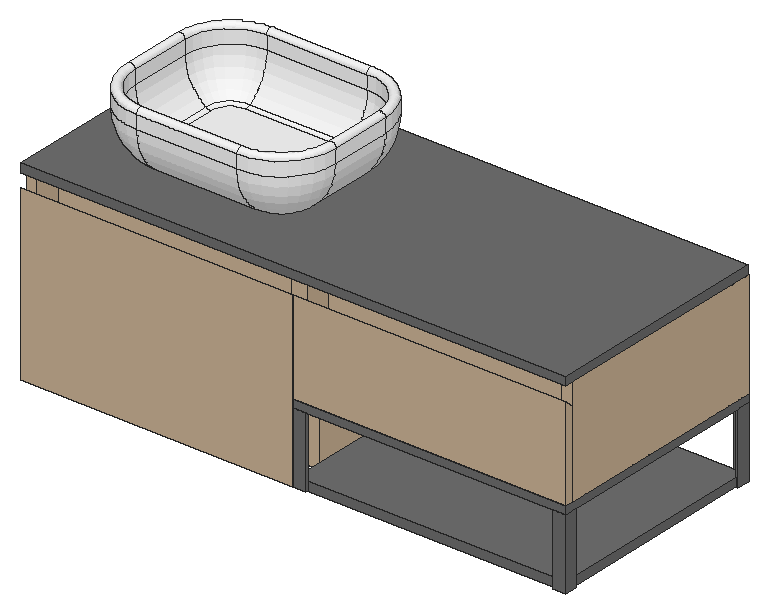
Revit family "LM0146831_Mueble Plus 120 cm con Lavamanos Cascade Derecho", category Furniture, Revit 2020
Family settings
  OmniClass Number = 23.31.25.13
  OmniClass Title = Bathroom Cabinets
  Work Plane-Based = No
  Always vertical = Yes
  Cut with Voids When Loaded = No
  Shared = No
  Room Calculation Point = No
Parameters
  URL = "https://corona.co/productos/muebles-para-banos/mueble-plus-120-cm-con-lavamanos-cascade-derecho/p/LM0156831"
  Resistencia al rayado = "700 ciclos."  # constant formula
  Resistencia a la humedad = "8%."  # constant formula
  Profundidad = 500 mm
  Peso Neto aprox = "71,2 lb (32,3 kg)."  # constant formula
  Peso Bruto aprox = "82,5 lb (37,4 kg)."  # constant formula
  Model = "Mueble Plus 120cm"  # constant formula
  Material 3 = Corona_Madera_Onix
  Material 2 = Corona_Madera_Aglomerada_Duna
  Material = Corona_Porcelana_Sanitaria
  Manufacturer = "Corona"  # constant formula
  Fecha de creación = "16/03/2021"  # constant formula
  Dimensiones generales del producto = "16,73” x 47,09” x 19,69” (425 x 1196 x 500 mm)."  # constant formula
  Densidad = "25mm 597 kg./m^3."  # constant formula
  Default Elevation = 0 mm
  Creado por = "BIMABU"  # constant formula
  Canto = "PVC rígido 22 mm de calibre."  # constant formula
  Ancho = 1196 mm
  Alto = 425 mm
Reference planes
  plane 1 "Center (Front/Back)": y = 0
  plane 2: z = 0
  plane 3 "Center (Left/Right)": x = 0
  plane 4: x = -598
  plane 5: x = 598
  plane 6: y = -500
  plane 7: z = 425
  plane 8: z = 575
  plane 9: y = -61.194
  plane 10: y = -437.194
  plane 11: y = -482
  plane 12: z = 407
Forms (mm)
  Extrusion 1, solid, material "Corona_Madera_Onix" <- "Material 3", detail levels medium+fine
    sketch origin (0, 0, 0) x (1, 0, 0) y (0, 0, 1)
      loop
        line (-598, 425) -> (-598, 407) -> (598, 407) -> (598, 425) -> (-598, 425)
    from 0 to 500
  Extrusion 2, solid, material "Corona_Madera_Aglomerada_Duna" <- "Material 2", detail levels medium+fine
    sketch origin (0, 0, 0) x (1, 0, 0) y (0, 1, 0)
      loop
        line (-17.099, 0) -> (-17.099, -482) -> (17.901, -482) -> (17.901, 0) -> (-17.099, 0)
    from 173 to 407
  Extrusion 3, solid, material "Corona_Madera_Aglomerada_Duna" <- "Material 2", detail levels medium+fine
    sketch origin (0, 0, 0) x (1, 0, 0) y (0, 1, 0)
      loop
        line (-598, 0) -> (-598, -482) -> (-575.578, -482) -> (-575.578, 0) -> (-598, 0)
    from 0 to 407
  Extrusion 4, solid, material "Corona_Madera_Aglomerada_Duna" <- "Material 2", detail levels medium+fine
    sketch origin (0, 0, 0) x (-1, 0, 0) y (0, -1, 0)
      loop
        line (-598, 0) -> (-575.578, 0) -> (-575.578, 482) -> (-598, 482) -> (-598, 0)
    from 173 to 407
  Extrusion 5, solid, material "Corona_Madera_Aglomerada_Duna" <- "Material 2", detail levels coarse
    sketch origin (0, 0, 0) x (1, 0, 0) y (0, 1, 0)
      loop
        line (598, -500) -> (598, 0) -> (-598, 0) -> (-598, -500) -> (598, -500)
    from 0 to 575
  Sweep 6, solid, material "Corona_Porcelana_Sanitaria" <- "Material", detail levels medium+fine
    path origin (0, 0, 0) x (-1, 0, 0) y (0, 1, 0)
      loop
        arc (52.703, -317.194) -> (87.85, -402.047) -> (172.703, -437.194) r 120
        line (172.703, -437.194) -> (392.703, -437.194)
        arc (392.703, -437.194) -> (477.556, -402.047) -> (512.703, -317.194) r 120
        line (512.703, -317.194) -> (512.703, -181.194)
        arc (512.703, -181.194) -> (477.556, -96.342) -> (392.703, -61.194) r 120
        line (392.703, -61.194) -> (172.703, -61.194)
        arc (172.703, -61.194) -> (87.85, -96.342) -> (52.703, -181.194) r 120
        line (52.703, -181.194) -> (52.703, -317.194)
    profile origin (-52.703, -249.194, 0) x (-1, 0, 0) y (0, 0, 1)
      loop
        line (0, 565) -> (0, 535)
        arc (0, 535) -> (17.794, 470.835) -> (66.095, 425) r 124.583
        line (66.095, 425) -> (86.095, 425) -> (86.095, 445) -> (77.104, 445)
        arc (77.104, 445) -> (71.232, 445.881) -> (65.877, 448.448) r 20
        arc (65.877, 448.448) -> (32.178, 486.021) -> (20, 535) r 104.583
        line (20, 535) -> (20, 565)
        arc (20, 565) -> (10, 575) -> (0, 565) r 10
  Extrusion 7, solid, material "Corona_Porcelana_Sanitaria" <- "Material", detail levels medium+fine
    sketch origin (0, 0, 0) x (-1, 0, 0) y (0, -1, 0)
      loop
        arc (138.797, 181.194) -> (148.728, 157.22) -> (172.703, 147.289) r 33.905
        line (172.703, 147.289) -> (392.703, 147.289)
        arc (392.703, 147.289) -> (416.677, 157.22) -> (426.608, 181.194) r 33.905
        line (426.608, 181.194) -> (426.608, 317.194)
        arc (426.608, 317.194) -> (416.677, 341.169) -> (392.703, 351.1) r 33.905
        line (392.703, 351.1) -> (172.703, 351.1)
        arc (172.703, 351.1) -> (148.728, 341.169) -> (138.797, 317.194) r 33.905
        line (138.797, 317.194) -> (138.797, 181.194)
    from 425 to 445
  Extrusion 8, solid, material "Corona_Madera_Aglomerada_Duna" <- "Material 2", detail levels medium+fine
    sketch origin (0, 0, 0) x (0, 1, 0) y (0, 0, -1)
      loop
        line (-500, -173) -> (-500, -376.484) -> (-482, -358.484) -> (-482, -173) -> (-500, -173)
    from -598 to 0
  Extrusion 9, solid, material "Corona_Madera_Aglomerada_Duna" <- "Material 2", detail levels medium+fine
    sketch origin (0, 0, 0) x (0, 1, 0) y (0, 0, -1)
      loop
        line (-500, 0) -> (-500, -376.484) -> (-482, -358.484) -> (-482, 0) -> (-500, 0)
    from 0 to 598
  Extrusion 10, solid, material "Corona_Madera_Aglomerada_Duna" <- "Material 2", detail levels medium+fine
    sketch origin (0, 0, 0) x (-1, 0, 0) y (0, -1, 0)
      loop
        line (0, 425.931) -> (0, 0) -> (575.5, 0) -> (575.5, 425.931) -> (0, 425.931)
    from 0 to 407
  Extrusion 11, solid, material "Corona_Madera_Onix" <- "Material 3", detail levels medium+fine
    sketch origin (0, 0, 0) x (-1, 0, 0) y (0, -1, 0)
      loop
        line (-598, 0) -> (-570.497, 0) -> (-570.497, 5) -> (-593, 5) -> (-593, 27.5) -> (-598, 27.5) -> (-598, 0)
      loop
        line (-598, 500) -> (-598, 472.5) -> (-593, 472.5) -> (-593, 495) -> (-570.497, 495) -> (-570.497, 500) -> (-598, 500)
      loop
        line (0, 500) -> (-27.503, 500) -> (-27.503, 495) -> (-5, 495) -> (-5, 472.5) -> (0, 472.5) -> (0, 500)
      loop
        line (0, 0) -> (0, 27.5) -> (-5, 27.5) -> (-5, 5) -> (-27.503, 5) -> (-27.503, 0) -> (0, 0)
    from 0 to 155
  Extrusion 12, solid, material "Corona_Madera_Onix" <- "Material 3", detail levels medium+fine
    sketch origin (0, 0, 148.75) x (-1, 0, 0) y (0, 0, -1)
      loop
        line (0, -24.25) -> (0, -6.25) -> (-598, -6.25) -> (-598, -24.25) -> (0, -24.25)
    from 0 to 500
  Extrusion 13, solid, material "Corona_Madera_Onix" <- "Material 3", detail levels medium+fine
    sketch origin (0, 0, 0) x (-1, 0, 0) y (0, -1, 0)
      loop
        line (-593, 5) -> (-5, 5) -> (-5, 495) -> (-593, 495) -> (-593, 5)
    from 0 to 18
  Extrusion 14, solid, material "Corona_Madera_Aglomerada_Duna" <- "Material 2", detail levels medium+fine
    sketch origin (0, 0, 0) x (-1, 0, 0) y (0, -1, 0)
      loop
        line (-575.578, 425.931) -> (-575.578, 0) -> (-17.099, 0) -> (-17.099, 425.931) -> (-575.578, 425.931)
    from 173 to 407
Cuts and joins
  joined: Sweep 6, Extrusion 7
  joined: Extrusion 2, Extrusion 10, Extrusion 14
Dimensions and locks
  equal spacing: plane 4, plane 3 "Center (Left/Right)", plane 5
  "Ancho": plane 4 to plane 5
  "Profundidad": plane 6 to plane 1 "Center (Front/Back)"
  "Alto": plane 7 to level
  plane 8 to plane 7 = 150 mm
  locked: plane 9 to plane 10 at 376
  aligned and locked: level to plane 2
  aligned and locked: Extrusion 3 to Extrusion 4
  aligned and locked: Extrusion 1 to plane 12
  aligned and locked: Extrusion 3 to Extrusion 1
  aligned and locked: Extrusion 2 to Extrusion 1
  aligned and locked: Extrusion 4 to Extrusion 1
  aligned and locked: nested 1 to level
  aligned and locked: nested 1 to plane 1 "Center (Front/Back)"
  aligned and locked: nested 2 to plane 6
  aligned and locked: plane 5 to nested 2
  aligned and locked: plane 1 "Center (Front/Back)" to Extrusion 5 sketch curve
  aligned and locked: plane 6 to Extrusion 5 sketch curve
  aligned and locked: plane 4 to Extrusion 5 sketch curve
  aligned and locked: Extrusion 5 sketch curve to plane 5
  aligned and locked: plane 8 to Extrusion 5
  aligned and locked: plane 3 "Center (Left/Right)" to nested 3
Automatic sketch dimensions
  Extrusion 1 sketch curve to plane 4 = 0 mm
  Extrusion 1 sketch curve to plane 5 = 0 mm
  Extrusion 1 sketch curve to plane 12 = 0 mm
  Extrusion 1 sketch curve to plane 7 = 0 mm
  plane 11 to Extrusion 2 sketch curve = 0 mm
  plane 1 "Center (Front/Back)" to Extrusion 2 sketch curve = 0 mm
  Extrusion 2 sketch curve to plane 3 "Center (Left/Right)" = 17.099 mm
  plane 3 "Center (Left/Right)" to Extrusion 2 sketch curve = 17.901 mm
  Extrusion 3 sketch curve to plane 4 = 0 mm
  plane 11 to Extrusion 3 sketch curve = 0 mm
  plane 1 "Center (Front/Back)" to Extrusion 3 sketch curve = 0 mm
  plane 4 to Extrusion 3 sketch curve = 22.422 mm
  Extrusion 4 sketch curve to plane 5 = 0 mm
  plane 11 to Extrusion 4 sketch curve = 0 mm
  plane 1 "Center (Front/Back)" to Extrusion 4 sketch curve = 0 mm
  plane 5 to Extrusion 4 sketch curve = 22.422 mm
  Sweep 6 sketch curve to plane 9 = 0 mm
  Sweep 6 sketch curve to plane 10 = 0 mm
  plane 3 "Center (Left/Right)" to Sweep 6 sketch curve = 52.703 mm
  Sweep 6 sketch curve to Sweep 6 sketch curve = 120 mm  (x2)
  Sweep 6 sketch curve to plane 4 = 205.297 mm  (x2)
  Sweep 6 sketch curve to plane 4 = 85.297 mm
  Sweep 6 sketch curve to Sweep 6 sketch curve = 0 mm  (x2)
  Sweep 6 sketch curve to profile plane = 0 mm
  Sweep 6 sketch curve to Sweep 6 sketch curve = 10 mm
  Sweep 6 sketch curve to profile plane = 66.095 mm
  Sweep 6 sketch curve to Sweep 6 sketch curve = 11.009 mm
  Sweep 6 sketch curve to Sweep 6 sketch curve = 20 mm  (x3)
  Sweep 6 sketch curve to Sweep 6 sketch curve = 47.479 mm
  level to Sweep 6 sketch curve = 425 mm
  Sweep 6 sketch curve to Sweep 6 sketch curve = 30 mm
  plane 3 "Center (Left/Right)" to Extrusion 7 sketch curve = 138.797 mm
  Extrusion 7 sketch curve to Extrusion 7 sketch curve = 33.905 mm  (x3)
  Extrusion 7 sketch curve to plane 4 = 205.297 mm
  Extrusion 7 sketch curve to Extrusion 7 sketch curve = 0 mm
  Extrusion 7 sketch curve to plane 10 = 86.095 mm
  plane 9 to Extrusion 7 sketch curve = 120 mm
  Extrusion 8 sketch curve to plane 6 = 0 mm
  Extrusion 8 sketch curve to plane 11 = 0 mm
  Extrusion 8 sketch curve to plane 12 = 30.516 mm
  Extrusion 8 sketch curve to Extrusion 8 sketch curve = 18 mm
  level to Extrusion 8 sketch curve = 173 mm
  Extrusion 9 sketch curve to plane 6 = 0 mm
  Extrusion 9 sketch curve to plane 11 = 0 mm
  Extrusion 9 sketch curve to level = 0 mm
  Extrusion 9 sketch curve to plane 12 = 48.516 mm
  Extrusion 9 sketch curve to Extrusion 9 sketch curve = 18 mm
  plane 1 "Center (Front/Back)" to Extrusion 10 sketch curve = 0 mm
  Extrusion 10 sketch curve to plane 3 "Center (Left/Right)" = 0 mm
  Extrusion 10 sketch curve to plane 4 = 22.5 mm
  Extrusion 10 sketch curve to plane 10 = 11.263 mm
  plane 1 "Center (Front/Back)" to Extrusion 11 sketch curve = 0 mm  (x2)
  Extrusion 11 sketch curve to plane 5 = 0 mm  (x2)
  Extrusion 11 sketch curve to plane 6 = 0 mm  (x2)
  Extrusion 11 sketch curve to plane 3 "Center (Left/Right)" = 0 mm  (x2)
  plane 5 to Extrusion 11 sketch curve = 5 mm  (x2)
  Extrusion 11 sketch curve to Extrusion 11 sketch curve = 22.503 mm  (x2)
  Extrusion 11 sketch curve to plane 3 "Center (Left/Right)" = 27.503 mm  (x2)
  Extrusion 11 sketch curve to plane 1 "Center (Front/Back)" = 5 mm  (x2)
  Extrusion 11 sketch curve to plane 3 "Center (Left/Right)" = 5 mm  (x2)
  Extrusion 11 sketch curve to plane 6 = 5 mm
  Extrusion 11 sketch curve to Extrusion 11 sketch curve = 5 mm
  plane 11 to Extrusion 11 sketch curve = 9.5 mm  (x2)
  Extrusion 11 sketch curve to Extrusion 11 sketch curve = 27.5 mm
  Extrusion 11 sketch curve to Extrusion 11 sketch curve = 22.5 mm
  Extrusion 12 sketch curve to plane 5 = 0 mm
  Extrusion 12 sketch curve to plane 3 "Center (Left/Right)" = 0 mm
  Extrusion 12 sketch curve to level = 155 mm
  Extrusion 12 sketch curve to Extrusion 12 sketch curve = 18 mm
  plane 5 to Extrusion 13 sketch curve = 5 mm
  Extrusion 13 sketch curve to plane 3 "Center (Left/Right)" = 5 mm
  Extrusion 13 sketch curve to plane 6 = 5 mm
  Extrusion 13 sketch curve to plane 1 "Center (Front/Back)" = 5 mm
  plane 1 "Center (Front/Back)" to Extrusion 14 sketch curve = 0 mm
  plane 5 to Extrusion 14 sketch curve = 22.422 mm
  Extrusion 14 sketch curve to plane 3 "Center (Left/Right)" = 17.099 mm
  Extrusion 14 sketch curve to plane 10 = 11.263 mm
Nested families
  nested 1: "Lateral" at (0, -250, 0) x (0, 1, 0) z (1, 0, 0), type "Lateral"
  nested 2: "Planta" at (0, -500, 0), type "Planta"
  nested 3: "Frontal" at (0, 0, 0) x (-1, 0, 0) z (0, -1, 0), type "Frontal"
Definition of nested family "Lateral"
  Parameters (values of type "Family1")
    Ancho = 500 mm
    Alto = 425 mm
  Reference planes
    plane 1 "Center (Front/Back)": y = 0
    plane 2: z = 0
    plane 3 "Center (Left/Right)": x = 0
    plane 4: x = -250
    plane 5: x = 250
    plane 6: y = 425
    plane 7: y = 575
    plane 8: x = 188
    plane 9: x = 529
    plane 10: x = -188
  Lines and regions (mm)
    Masking region 1, in view "Ref. Level"
      outline origin (0, 0, 0) x (1, 0, 0) y (0, 1, 0)
        loop
          line (-250, 425) -> (-250, 0) -> (250, 0) -> (250, 425) -> (87.375, 425)
          arc (87.375, 425) -> (145.825, 446.563) -> (176.267, 500.921) r 90
          line (176.267, 500.921) -> (186.168, 563.436)
          arc (186.168, 563.436) -> (183.896, 571.494) -> (176.292, 575) r 10
          line (176.292, 575) -> (-176.292, 575)
          arc (-176.292, 575) -> (-183.896, 571.494) -> (-186.168, 563.436) r 10
          line (-186.168, 563.436) -> (-176.267, 500.921)
          arc (-176.267, 500.921) -> (-145.825, 446.563) -> (-87.375, 425) r 90
          line (-87.375, 425) -> (-250, 425)
    detail lines, in view "Ref. Level"
      curve 1: line (250, -11.5, 0) -> (250, 365, 0)
      curve 2: line (-250, 155, 0) -> (250, 155, 0)
      curve 3: line (-220, 155, 0) -> (-220, 0, 0)
      curve 4: line (220, 155, 0) -> (220, 0, 0)
      curve 5: line (-87.375, 425, 0) -> (87.375, 425, 0)
      curve 6: line (-220, 18, 0) -> (220, 18, 0)
  Dimensions and locks
    equal spacing: plane 4, plane 3 "Center (Left/Right)", plane 5
    "Ancho": plane 4 to plane 5
    "Alto": plane 6 to plane 1 "Center (Front/Back)"
    locked: plane 7 to plane 6 at 150
  Automatic sketch dimensions
    plane 1 "Center (Front/Back)" to Masking region 1 sketch curve = 0 mm
    Masking region 1 sketch curve to plane 4 = 0 mm
    Masking region 1 sketch curve to plane 7 = 0 mm
    Masking region 1 sketch curve to plane 5 = 0 mm
    Masking region 1 sketch curve to plane 10 = 1.832 mm
    Masking region 1 sketch curve to plane 10 = 11.708 mm
    Masking region 1 sketch curve to plane 10 = 11.733 mm
    Masking region 1 sketch curve to plane 8 = 11.708 mm
    Masking region 1 sketch curve to plane 8 = 11.733 mm
    Masking region 1 sketch curve to plane 8 = 1.832 mm
    Masking region 1 sketch curve to Masking region 1 sketch curve = 74.079 mm  (x2)
    Masking region 1 sketch curve to plane 7 = 11.564 mm  (x2)
    Masking region 1 sketch curve to plane 6 = 0 mm  (x4)
    Masking region 1 sketch curve to plane 7 = 60 mm  (x2)
    plane 3 "Center (Left/Right)" to Masking region 1 sketch curve = 87.375 mm
    Masking region 1 sketch curve to Masking region 1 sketch curve = 0 mm
    curve 2 to plane 4 = 0 mm
    plane 1 "Center (Front/Back)" to curve 3 = 0 mm
    curve 5 to plane 6 = 0 mm
    plane 1 "Center (Front/Back)" to curve 4 = 0 mm
    curve 1 to plane 5 = 0 mm
    plane 4 to curve 6 = 30 mm
    curve 5 to plane 3 "Center (Left/Right)" = 87.375 mm
    plane 3 "Center (Left/Right)" to curve 5 = 87.375 mm
    curve 4 to plane 5 = 30 mm
    plane 1 "Center (Front/Back)" to curve 1 = 11.5 mm
    curve 6 to plane 1 "Center (Front/Back)" = 18 mm
    curve 6 to curve 2 = 137 mm
    curve 1 to plane 6 = 60 mm
Definition of nested family "Planta"
  Parameters (values of type "Planta")
    Ancho = 1196 mm
    Alto = 500 mm
  Reference planes
    plane 1 "Center (Front/Back)": y = 0
    plane 2: z = 0
    plane 3 "Center (Left/Right)": x = 0
    plane 4: x = -598
    plane 5: x = 598
    plane 6: y = 500
    plane 7: x = -69
    plane 8: x = -529
    plane 9: y = 438
    plane 10: y = 62
  Lines and regions (mm)
    Masking region 1, in view "Ref. Level"
      outline origin (0, 0, 0) x (1, 0, 0) y (0, 1, 0)
        loop
          line (-598, 500) -> (-598, 0) -> (598, 0) -> (598, 500) -> (-598, 500)
    detail lines, in view "Ref. Level"
      curve 1: line (-199, 438, 0) -> (-399, 438, 0)
      curve 2: line (-69, 192, 0) -> (-69, 308, 0)
      curve 3: line (-399, 62, 0) -> (-199, 62, 0)
      curve 4: line (-529, 308, 0) -> (-529, 192, 0)
      curve 5: arc (-69, 308, 0) -> (-107.076, 399.924, 0) -> (-199, 438, 0) r 130
      curve 6: arc (-399, 438, 0) -> (-490.924, 399.924, 0) -> (-529, 308, 0) r 130
      curve 7: arc (-69, 192, 0) -> (-107.076, 100.076, 0) -> (-199, 62, 0) r 130
      curve 8: arc (-399, 62, 0) -> (-490.924, 100.076, 0) -> (-529, 192, 0) r 130
      curve 9: circle (-299, 250, 0) r 25.4 normal (0, 0, -1)
      curve 10: line (-199, 423, 0) -> (-399, 423, 0)
      curve 11: arc (-84, 308, 0) -> (-117.683, 389.317, 0) -> (-199, 423, 0) r 115
      curve 12: line (-84, 192, 0) -> (-84, 308, 0)
      curve 13: arc (-84, 192, 0) -> (-117.683, 110.683, 0) -> (-199, 77, 0) r 115
      curve 14: line (-399, 77, 0) -> (-199, 77, 0)
      curve 15: arc (-399, 77, 0) -> (-480.317, 110.683, 0) -> (-514, 192, 0) r 115
      curve 16: line (-514, 308, 0) -> (-514, 192, 0)
      curve 17: arc (-399, 423, 0) -> (-480.317, 389.317, 0) -> (-514, 308, 0) r 115
  Dimensions and locks
    equal spacing: plane 4, plane 3 "Center (Left/Right)", plane 5
    "Ancho": plane 4 to plane 5
    "Alto": plane 6 to plane 1 "Center (Front/Back)"
  Automatic sketch dimensions
    plane 1 "Center (Front/Back)" to Masking region 1 sketch curve = 0 mm
    Masking region 1 sketch curve to plane 4 = 0 mm
    Masking region 1 sketch curve to plane 5 = 0 mm
    Masking region 1 sketch curve to plane 6 = 0 mm
    curve 5 to curve 11 = 0 mm  (x2)
    curve 6 to curve 17 = 0 mm  (x2)
    curve 7 to curve 13 = 0 mm  (x2)
    curve 8 to curve 15 = 0 mm
    curve 6 to plane 8 = 0 mm
    curve 7 to plane 7 = 0 mm
    curve 6 to curve 16 = 15 mm
    curve 3 to plane 8 = 130 mm
    curve 17 to curve 17 = 115 mm
    curve 6 to curve 9 = 100 mm
    curve 7 to curve 12 = 115 mm
    plane 7 to curve 10 = 130 mm
    curve 9 to curve 5 = 58 mm
    plane 10 to curve 7 = 0 mm
    curve 5 to plane 9 = 0 mm
    radius of curve 9 = 25.4 mm
Definition of nested family "Frontal"
  Parameters (values of type "Family1")
    Ancho = 1196 mm
    Alto = 425 mm
  Reference planes
    plane 1 "Center (Front/Back)": y = 0
    plane 2: z = 0
    plane 3 "Center (Left/Right)": x = 0
    plane 4: x = -598
    plane 5: x = 598
    plane 6: y = 425
    plane 7: y = 575
    plane 8: x = 299
    plane 9: x = 529
    plane 10: x = 69
  Lines and regions (mm)
    Masking region 1, in view "Ref. Level"
      outline origin (0, 0, 0) x (1, 0, 0) y (0, 1, 0)
        loop
          line (-598, 425) -> (-598, 0) -> (598, 0) -> (598, 425) -> (429.683, 425)
          arc (429.683, 425) -> (488.728, 447.076) -> (518.807, 502.474) r 90
          line (518.807, 502.474) -> (527.399, 563.608)
          arc (527.399, 563.608) -> (525.043, 571.561) -> (517.496, 575) r 10
          line (517.496, 575) -> (80.504, 575)
          arc (80.504, 575) -> (72.957, 571.561) -> (70.601, 563.608) r 10
          line (70.601, 563.608) -> (79.193, 502.474)
          arc (79.193, 502.474) -> (109.272, 447.076) -> (168.317, 425) r 90
          line (168.317, 425) -> (-598, 425)
        loop
          line (-568, 155) -> (-568, 18) -> (-30, 18) -> (-30, 155) -> (-568, 155)
    detail lines, in view "Ref. Level"
      curve 1: line (168.317, 425, 0) -> (429.683, 425, 0)
      curve 2: line (598, 407, 0) -> (-598, 407, 0)
      curve 3: line (598, 425, 0) -> (598, 407, 0)
      curve 4: line (0, 0, 0) -> (0, 376.5, 0)
      curve 5: line (-598, 376.5, 0) -> (598, 376.5, 0)
      curve 6: line (-598, 173, 0) -> (0, 173, 0)
      curve 7: line (-580, 376.5, 0) -> (-580, 407, 0)
      curve 8: line (-18, 407, 0) -> (-18, 376.5, 0)
      curve 9: line (598, 407, 0) -> (598, 0, 0)
      curve 10: line (18, 407, 0) -> (18, 376.5, 0)
      curve 11: line (580, 376.5, 0) -> (580, 407, 0)
      curve 12: line (-568, 155, 0) -> (-598, 155, 0)
      curve 13: line (-30, 155, 0) -> (0, 155, 0)
      curve 14: line (-568, 18, 0) -> (-568, 0, 0)
      curve 15: line (-30, 18, 0) -> (-30, 0, 0)
  Dimensions and locks
    equal spacing: plane 4, plane 3 "Center (Left/Right)", plane 5
    "Ancho": plane 4 to plane 5
    "Alto": plane 6 to plane 1 "Center (Front/Back)"
    locked: plane 7 to plane 6 at 150
    equal spacing: plane 3 "Center (Left/Right)", plane 8, plane 5
  Automatic sketch dimensions
    Masking region 1 sketch curve to plane 10 = 99.317 mm
    Masking region 1 sketch curve to plane 7 = 60 mm  (x2)
    Masking region 1 sketch curve to plane 10 = 10.193 mm
    Masking region 1 sketch curve to plane 10 = 1.601 mm
    Masking region 1 sketch curve to plane 7 = 11.392 mm
    Masking region 1 sketch curve to plane 7 = 0 mm
    Masking region 1 sketch curve to Masking region 1 sketch curve = 9.903 mm
    Masking region 1 sketch curve to plane 9 = 11.504 mm
    Masking region 1 sketch curve to plane 7 = 10 mm
    Masking region 1 sketch curve to plane 9 = 1.601 mm
    Masking region 1 sketch curve to plane 9 = 10.193 mm
    Masking region 1 sketch curve to Masking region 1 sketch curve = 61.134 mm
    plane 1 "Center (Front/Back)" to Masking region 1 sketch curve = 0 mm
    Masking region 1 sketch curve to plane 4 = 0 mm
    Masking region 1 sketch curve to plane 5 = 0 mm
    Masking region 1 sketch curve to plane 6 = 0 mm  (x4)
    Masking region 1 sketch curve to plane 1 "Center (Front/Back)" = 155 mm
    Masking region 1 sketch curve to plane 3 "Center (Left/Right)" = 30 mm
    Masking region 1 sketch curve to plane 1 "Center (Front/Back)" = 18 mm
    plane 4 to Masking region 1 sketch curve = 30 mm
    plane 8 to Masking region 1 sketch curve = 130.683 mm
    Masking region 1 sketch curve to Masking region 1 sketch curve = 0 mm
    curve 6 to plane 4 = 0 mm
    curve 12 to plane 4 = 0 mm
    curve 2 to plane 4 = 0 mm
    curve 5 to plane 4 = 0 mm
    plane 1 "Center (Front/Back)" to curve 14 = 0 mm
    plane 1 "Center (Front/Back)" to curve 15 = 0 mm
    curve 6 to plane 3 "Center (Left/Right)" = 0 mm
    curve 1 to plane 6 = 0 mm
    curve 5 to plane 5 = 0 mm
    plane 1 "Center (Front/Back)" to curve 9 = 0 mm
    plane 1 "Center (Front/Back)" to curve 4 = 0 mm
    curve 3 to plane 6 = 0 mm
    curve 9 to plane 6 = 18 mm
    plane 4 to curve 7 = 18 mm
    curve 12 to curve 12 = 30 mm
    plane 4 to curve 14 = 30 mm
    curve 13 to plane 3 "Center (Left/Right)" = 30 mm
    curve 15 to plane 3 "Center (Left/Right)" = 30 mm
    curve 8 to plane 3 "Center (Left/Right)" = 18 mm
    plane 3 "Center (Left/Right)" to curve 10 = 18 mm
    curve 1 to plane 10 = 99.317 mm
    curve 1 to plane 9 = 99.317 mm
    curve 11 to plane 5 = 18 mm
    curve 14 to plane 1 "Center (Front/Back)" = 18 mm
    curve 15 to plane 1 "Center (Front/Back)" = 18 mm
    curve 14 to curve 12 = 137 mm
    curve 15 to curve 13 = 137 mm
    curve 12 to curve 6 = 18 mm
    curve 5 to curve 2 = 30.5 mm
